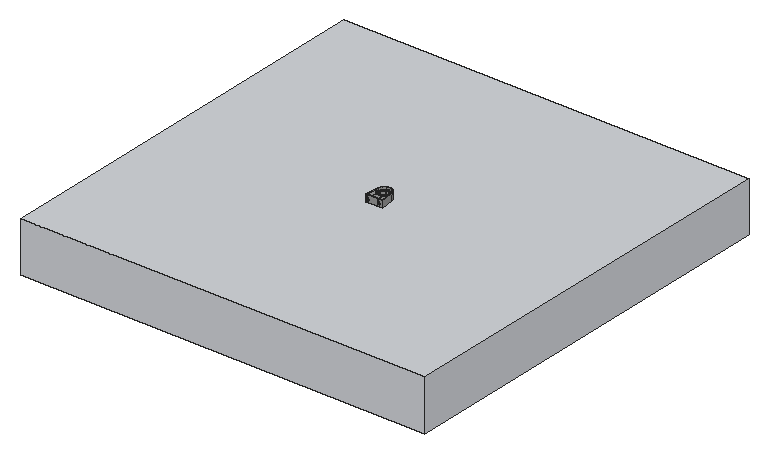
Revit family "Hekatron_Feststellanlagen_Sockel 143 W_DE_22.01", category Brandmelder, Revit 2018
Family settings
  Basisbauteil = Fläche
  Beschriftungsausrichtung beibehalten = Ja
  Bemaßung runder Anschluss = Durchmesser verwenden
  Teiletyp = Normal
  OmniClass-Nummer = 23.85.30.21
  OmniClass-Titel = Environmental Detection/Registration
  Beim Laden mit Abzugskörper schneiden = Nein
  Gemeinsam genutzt = Nein
  Raumberechnungspunkt = Nein
Parameters (values of type "Base 143 W")
  Zulässige Umgebungstemperatur = ""
  Zulässige Luftgeschwindigkeit = ""
  Zulassungen nach EN 54 = ""
  Width [instance] = 100 mm
  Version des BIM Objektes = "22.01"
  VdS-Anerkennung = ""
  URL = "https://www.hekatron-brandschutz.de"
  UB A&S Artikel Nummer = "5000513"
  Typenkommentare = "Meldersockel zur Wand-/Sturz- Montage"
  Tiefe (mm) = "100.0"
  Stromaufnahme = ""
  Schutzart = "IP 42"
  Rauchteil einstellbar = ""
  Nettogewicht (g) = ""
  Montageart = "Wand- oder Sturzmontage"
  Modell = "Sockel 143 W"
  Material = "PC"
  Link zum Datenblatt = ""
  Link zu ausschreiben.de = "http://www.ausschreiben.de/katalog/Hekatron/position/42"
  Link zu Produktinformation = "https://www.hekatron-planungstools.de/Produktinfo/Sockel_143_W.PDF"
  Link zu Ausschreibungstext = "https://www.meinhplus.de/login"
  Leistungserklärung (DoP) = ""
  Lautstärke DIN-Ton (dB) = ""
  Kabeleinführung = "hinten, seitlich"
  Höhe (mm) = "40.0"
  Hersteller = "Hekatron"
  Heigth [instance] = 117 mm
  Funktionsprinzip = ""
  Farbe = "weiß, ähnlich RAL 9010"
  Ex-Zonen = ""
  Einstellung Temperaturklasse nach EN 54-5 = ""
  Einstellung Temperaturindex nach EN 54-5 = ""
  Einstellung Rauchempfindlichkeit nach EN 54-20 = ""
  Einstellen Rauchempfindlichkeit nach EN 54-7 = ""
  EG-Konformitätszertifikat / Zertifikat der Leistungsbeständigkeit = ""
  Durchmesser (mm) = ""
  Depth [instance] = 40 mm
  Vorgabe-Ansicht = 1200 mm
  Breite (mm) = "117.0"
  Betriebsspannung = ""
  Beschreibung = "Sockel für den Rauchschalter ORS 142 und Thermodifferntialschalter TDS 247 zur Sturz- und Wandmontage."
  Bauartgenehmigungen = ""
  Anzahl Ansaugleitungen = ""
  Ansprechtemperatur = ""
  Alarm- & Empfindlichkeitsbereich = ""
Reference planes
  plane 1 "Center (Front/Back)": y = 0
  plane 2: z = 0
  plane 3 "Center (Left/Right)": x = 0
Forms (mm)
  Extrusion 1, solid
    sketch origin (0, 0, 0) x (1, 0, 0) y (0, 1, 0)
      loop
        line (-1219.2, 1219.2) -> (-1219.2, -1219.2) -> (1219.2, -1219.2) -> (1219.2, 1219.2) -> (-1219.2, 1219.2)
    from 0 to -304.8
  Revolve 2, solid, material "PC/ABS Plastic, RAL 9010"
    sketch origin (0, 0, 7) x (1, 0, 0) y (0, 0, 1)
      loop
        line (-39.25, 33) -> (-40.5, 33) -> (-40.05, 0) -> (0, 0) -> (0, 2.5) -> (-37.279, 2.5) -> (-37.488, 14.05) -> (0, 14.05) -> (0, 16) -> (-38.282, 16) -> (-38.35, 21) -> (-39.15, 21) -> (-39.25, 33)
      axis (0, 33) -> (0, 0)
    angle from 0 to 360
  Extrusion 3, void
    sketch origin (0, 0, 7) x (1, 0, 0) y (0, 1, 0)
      loop
        arc (28.36, -4.925) -> (32.5, 0) -> (28.36, 4.925) r 5
        arc (28.36, 4.925) -> (24.666, 14.838) -> (17.641, 22.746) r 28.785
        line (17.641, 22.746) -> (17.151, 22.114)
        arc (17.151, 22.114) -> (15.034, 23.604) -> (12.789, 24.892) r 27.985
        line (12.789, 24.892) -> (13.154, 25.603)
        arc (13.154, 25.603) -> (3.677, 28.549) -> (-6.238, 28.101) r 28.785
        line (-6.238, 28.101) -> (-6.064, 27.32)
        arc (-6.064, 27.32) -> (-8.505, 26.661) -> (-10.876, 25.785) r 27.985
        line (-10.876, 25.785) -> (-11.187, 26.522)
        arc (-11.187, 26.522) -> (-19.457, 21.213) -> (-25.459, 13.431) r 28.785
        line (-25.459, 13.431) -> (-24.752, 13.058)
        arc (-24.752, 13.058) -> (-25.863, 10.689) -> (-26.748, 8.228) r 27.985
        line (-26.748, 8.228) -> (-27.513, 8.463)
        arc (-27.513, 8.463) -> (-27.992, 6.708) -> (-28.36, 4.925) r 28.785
        arc (-28.36, 4.925) -> (-32.5, 0) -> (-28.36, -4.925) r 5
        arc (-28.36, -4.925) -> (-24.677, -14.82) -> (-17.673, -22.72) r 28.785
        line (-17.673, -22.72) -> (-17.182, -22.089)
        arc (-17.182, -22.089) -> (-15.045, -23.597) -> (-12.776, -24.898) r 27.985
        line (-12.776, -24.898) -> (-13.141, -25.61)
        arc (-13.141, -25.61) -> (-3.76, -28.538) -> (6.06, -28.14) r 28.785
        line (6.06, -28.14) -> (5.892, -27.358)
        arc (5.892, -27.358) -> (8.336, -26.714) -> (10.713, -25.853) r 27.985
        line (10.713, -25.853) -> (11.019, -26.592)
        arc (11.019, -26.592) -> (19.396, -21.269) -> (25.467, -13.417) r 28.785
        line (25.467, -13.417) -> (24.759, -13.045)
        arc (24.759, -13.045) -> (25.858, -10.701) -> (26.736, -8.266) r 27.985
        line (26.736, -8.266) -> (27.5, -8.503)
        arc (27.5, -8.503) -> (27.988, -6.728) -> (28.36, -4.925) r 28.785
    from 14.05 to 16
  Extrusion 4, void
    sketch origin (0, 0, 7) x (1, 0, 0) y (0, 1, 0)
      loop
        arc (-23.747, 19.926) -> (-23.932, 22.04) -> (-26.046, 21.855) r 1.5
        arc (-26.046, 21.855) -> (-28.356, 18.761) -> (-30.3, 15.425) r 34
        arc (-30.3, 15.425) -> (-31.284, 9.714) -> (-27.574, 14.166) r 3
        arc (-27.574, 14.166) -> (-25.822, 17.153) -> (-23.747, 19.926) r 31
      loop
        arc (26.046, 21.855) -> (23.4, 24.667) -> (20.452, 27.161) r 34
        arc (20.452, 27.161) -> (14.999, 29.122) -> (18.739, 24.695) r 3
        arc (18.739, 24.695) -> (21.376, 22.451) -> (23.747, 19.926) r 31
        arc (23.747, 19.926) -> (25.861, 19.742) -> (26.046, 21.855) r 1.5
      loop
        arc (30.3, -15.425) -> (31.284, -9.714) -> (27.574, -14.166) r 3
        arc (27.574, -14.166) -> (25.822, -17.153) -> (23.747, -19.926) r 31
        arc (23.747, -19.926) -> (23.932, -22.04) -> (26.046, -21.855) r 1.5
        arc (26.046, -21.855) -> (28.356, -18.761) -> (30.3, -15.425) r 34
      loop
        arc (7.66, -33.126) -> (12.668, -30.209) -> (6.873, -30.229) r 3
        arc (6.873, -30.229) -> (3.458, -30.807) -> (0, -31) r 31
        arc (0, -31) -> (-1.5, -32.5) -> (0, -34) r 1.5
        arc (0, -34) -> (3.855, -33.781) -> (7.66, -33.126) r 34
      loop
        arc (-20.452, -27.161) -> (-14.999, -29.122) -> (-18.739, -24.695) r 3
        arc (-18.739, -24.695) -> (-21.376, -22.451) -> (-23.747, -19.926) r 31
        arc (-23.747, -19.926) -> (-25.861, -19.742) -> (-26.046, -21.855) r 1.5
        arc (-26.046, -21.855) -> (-23.4, -24.667) -> (-20.452, -27.161) r 34
    from 14.05 to 16
  Extrusion 5, void
    sketch origin (0, 0, 7) x (1, 0, 0) y (0, 1, 0)
      loop
        circle (-29.75, 0) r 1.85
      loop
        circle (29.75, 0) r 1.85
    from -2.5 to 2.5
  Extrusion 6, void
    sketch origin (0, 0, 7) x (0, 1, 0) y (0, 0, 1)
      loop
        circle (0, 8) r 5
    from 38.482 to 40.5
  Extrusion 7, void
    sketch origin (0, 0, 7) x (0, 1, 0) y (0, 0, -1)
      loop
        circle (0, -8) r 5
    from 38.482 to 40.5
  Extrusion 8, solid, material "PC/ABS Plastic, RAL 9010"
    sketch origin (0, 0, 7) x (1, 0, 0) y (0, 1, 0)
      loop
        line (26.626, 5.864) -> (27.992, 5.864)
        arc (27.992, 5.864) -> (24.302, 15.079) -> (17.685, 22.477) r 28.6
        line (17.685, 22.477) -> (17.177, 21.821)
        arc (17.177, 21.821) -> (14.919, 23.423) -> (12.513, 24.792) r 27.771
        line (12.513, 24.792) -> (12.892, 25.53)
        arc (12.892, 25.53) -> (3.653, 28.366) -> (-6.002, 27.963) r 28.6
        line (-6.002, 27.963) -> (-5.822, 27.153)
        arc (-5.822, 27.153) -> (-8.44, 26.457) -> (-10.977, 25.509) r 27.771
        line (-10.977, 25.509) -> (-11.299, 26.273)
        arc (-11.299, 26.273) -> (-19.332, 21.077) -> (-25.202, 13.521) r 28.6
        line (-25.202, 13.521) -> (-24.468, 13.134)
        arc (-24.468, 13.134) -> (-25.665, 10.608) -> (-26.601, 7.974) r 27.771
        line (-26.601, 7.974) -> (-27.394, 8.217)
        arc (-27.394, 8.217) -> (-27.718, 7.047) -> (-27.992, 5.864) r 28.6
        line (-27.992, 5.864) -> (-26.626, 5.864)
        arc (-26.626, 5.864) -> (0, 27.264) -> (26.626, 5.864) r 27.264
      loop
        arc (26.626, -5.864) -> (0, -27.264) -> (-26.626, -5.864) r 27.264
        line (-26.626, -5.864) -> (-27.992, -5.864)
        arc (-27.992, -5.864) -> (-24.313, -15.061) -> (-17.717, -22.451) r 28.6
        line (-17.717, -22.451) -> (-17.208, -21.797)
        arc (-17.208, -21.797) -> (-14.93, -23.416) -> (-12.5, -24.799) r 27.771
        line (-12.5, -24.799) -> (-12.878, -25.536)
        arc (-12.878, -25.536) -> (-3.735, -28.355) -> (5.826, -28) r 28.6
        line (5.826, -28) -> (5.651, -27.19)
        arc (5.651, -27.19) -> (8.273, -26.51) -> (10.816, -25.578) r 27.771
        line (10.816, -25.578) -> (11.133, -26.344)
        arc (11.133, -26.344) -> (19.271, -21.132) -> (25.209, -13.508) r 28.6
        line (25.209, -13.508) -> (24.475, -13.121)
        arc (24.475, -13.121) -> (25.66, -10.619) -> (26.59, -8.012) r 27.771
        line (26.59, -8.012) -> (27.382, -8.257)
        arc (27.382, -8.257) -> (27.713, -7.067) -> (27.992, -5.864) r 28.6
        line (27.992, -5.864) -> (26.626, -5.864)
    from 2.5 to 16
  Extrusion 9, void
    sketch origin (0, 0, 7) x (1, 0, 0) y (0, 1, 0)
      loop
        circle (25, 0) r 2.25
      loop
        circle (16.5, 0) r 4.75
      loop
        circle (-16.5, 0) r 4.75
      loop
        circle (-25, 0) r 2.25
    from 0 to 2.5
  Blend 10, solid, material "PC/ABS Plastic, RAL 9010"
    base sketch origin (0, 0, 0) x (1, 0, 0) y (0, 1, 0)
      loop
        circle (-25, 0) r 1.75
    top sketch origin (0, 0, 0) x (1, 0, 0) y (0, 1, 0)
      loop
        circle (-25, 0) r 2.25
    from 9.5 to 8.25
  Blend 11, solid, material "PC/ABS Plastic, RAL 9010"
    base sketch origin (0, 0, 0) x (1, 0, 0) y (0, 1, 0)
      loop
        circle (-16.5, 0) r 4.25
    top sketch origin (0, 0, 0) x (1, 0, 0) y (0, 1, 0)
      loop
        circle (-16.5, 0) r 4.75
    from 9.5 to 8.25
  Extrusion 12, void
    sketch origin (0, 0, 7) x (1, 0, 0) y (0, 1, 0)
      loop
        circle (-9.773, -30.996) r 2.15
      loop
        circle (17.462, -27.41) r 2.15
      loop
        circle (30.026, 12.437) r 2.15
      loop
        circle (9.773, 30.996) r 2.15
      loop
        circle (-17.462, 27.41) r 2.15
      loop
        circle (-30.026, -12.437) r 2.15
    from 14.5 to 16
  Extrusion 13, solid, material "PC/ABS Plastic, RAL 9010"
    sketch origin (47.488, -14.973, 7) x (1, 0, 0) y (0, 1, 0)
      loop
        circle (-17.466, 27.408) r 1.9
      loop
        circle (-37.719, 45.966) r 1.9
      loop
        circle (-64.954, 42.381) r 1.9
      loop
        circle (-77.518, 2.533) r 1.9
      loop
        circle (-57.265, -16.025) r 1.9
      loop
        circle (-30.03, -12.44) r 1.9
    from 14.5 to 15.525
  Extrusion 14, void
    sketch origin (0, 0, 7) x (1, 0, 0) y (0, 1, 0)
      loop
        line (-35, -7.868) -> (-35, 7.75) -> (-37.489, 7.75)
        arc (-37.489, 7.75) -> (-38.083, 3.895) -> (-38.282, 0) r 38.282
        arc (-38.282, 0) -> (-38.077, -3.955) -> (-37.465, -7.868) r 38.282
        line (-37.465, -7.868) -> (-35, -7.868)
      loop
        line (34.75, -7.868) -> (37.465, -7.868)
        arc (37.465, -7.868) -> (38.077, -3.955) -> (38.282, 0) r 38.282
        arc (38.282, 0) -> (38.083, 3.895) -> (37.489, 7.75) r 38.282
        line (37.489, 7.75) -> (34.75, 7.75) -> (34.75, -7.868)
    from 14.05 to 16
  Extrusion 15, solid, material "PC/ABS Plastic, RAL 9010"
    sketch origin (0, 0, 7) x (1, 0, 0) y (0, 1, 0)
      loop
        arc (-37.53, 7.55) -> (-38.093, 3.794) -> (-38.282, 0) r 38.282
        arc (-38.282, 0) -> (-38.087, -3.853) -> (-37.506, -7.668) r 38.282
        line (-37.506, -7.668) -> (-35.1, -7.668) -> (-35.1, -5.07) -> (-36, -5.07) -> (-36, 5.07) -> (-35.1, 5.07) -> (-35.1, 7.55) -> (-37.53, 7.55)
    from 0 to 16
  Extrusion 16, solid, material "PC/ABS Plastic, RAL 9010"
    sketch origin (0, 0, 7) x (-1, 0, 0) y (0, -1, 0)
      loop
        line (-37.53, -7.55) -> (-35.1, -7.55) -> (-35.1, -5.07) -> (-36, -5.07) -> (-36, 5.07) -> (-35.1, 5.07) -> (-35.1, 7.668) -> (-37.506, 7.668)
        arc (-37.506, 7.668) -> (-38.087, 3.853) -> (-38.282, 0) r 38.282
        arc (-38.282, 0) -> (-38.093, -3.794) -> (-37.53, -7.55) r 38.282
    from 0 to 16
  Extrusion 17, void
    sketch origin (0, 0, 7) x (0, 1, 0) y (0, 0, 1)
      loop
        circle (0, 8) r 4
    from -36.527 to -36
  Extrusion 18, void
    sketch origin (0, 0, 7) x (0, 1, 0) y (0, 0, 1)
      loop
        circle (0, 8) r 1.5
    from -37.16 to -36.527
  Extrusion 19, void
    sketch origin (0, 0, 7) x (0, 1, 0) y (0, 0, -1)
      loop
        circle (0, -8) r 4
    from -36.527 to -36
  Extrusion 20, void
    sketch origin (0, 0, 7) x (0, 1, 0) y (0, 0, -1)
      loop
        circle (0, -8) r 1.5
    from -37.16 to -36.527
  Revolve 21, solid, material "PC/ABS Plastic, RAL 9010"
    sketch origin (0, 0, 7) x (1, 0, 0) y (0, 0, 1)
      loop
        line (-2.75, 2.5) -> (0, 2.5) -> (0, 3.595)
        arc (0, 3.595) -> (-1.48, 3.311) -> (-2.75, 2.5) r 4
      axis (0, 3.595) -> (0, 2.5)
    angle from 0 to 360
  Blend 22, solid, material "PC/ABS Plastic, RAL 9010"
    base sketch origin (0, 0, 2.5) x (0, -1, 0) y (1, 0, 0)
      loop
        circle (0, -25) r 1.75
    top sketch origin (0, 0, 2.5) x (0, -1, 0) y (1, 0, 0)
      loop
        circle (0, -25) r 2.25
    from 4.5 to 5.75
  Blend 23, solid, material "PC/ABS Plastic, RAL 9010"
    base sketch origin (0, 0, 2.5) x (0, -1, 0) y (1, 0, 0)
      loop
        circle (0, -16.5) r 4.25
    top sketch origin (0, 0, 2.5) x (0, -1, 0) y (1, 0, 0)
      loop
        circle (0, -16.5) r 4.75
    from 4.5 to 5.75
  Extrusion 24, solid, material "PC/ABS Plastic, RAL 9010"
    sketch origin (0, 0, 0) x (1, 0, 0) y (0, 1, 0)
      loop
        line (50, -75) -> (41.776, 4.331)
        arc (41.776, 4.331) -> (0, 42) -> (-41.776, 4.331) r 42
        line (-41.776, 4.331) -> (-50, -75) -> (50, -75)
      loop
        line (-48.233, -72.5) -> (-19.35, -72.5) -> (-19.35, -73.7) -> (19.35, -73.7) -> (19.35, -72.5) -> (48.233, -72.5) -> (40.284, 4.176)
        arc (40.284, 4.176) -> (0, 40.5) -> (-40.284, 4.176) r 40.5
        line (-40.284, 4.176) -> (-48.233, -72.5)
    from 0 to 40
  Blend 25, solid, material "PC/ABS Plastic, RAL 9010"
    base sketch origin (0, 0, 0) x (-1, 0, 0) y (0, -1, 0)
      loop
        circle (-25, 0) r 1.75
    top sketch origin (0, 0, 0) x (-1, 0, 0) y (0, -1, 0)
      loop
        circle (-25, 0) r 2.25
    from 9.5 to 8.25
  Blend 26, solid, material "PC/ABS Plastic, RAL 9010"
    base sketch origin (0, 0, 2.5) x (0, 1, 0) y (-1, 0, 0)
      loop
        circle (0, -25) r 1.75
    top sketch origin (0, 0, 2.5) x (0, 1, 0) y (-1, 0, 0)
      loop
        circle (0, -25) r 2.25
    from 4.5 to 5.75
  Blend 27, solid, material "PC/ABS Plastic, RAL 9010"
    base sketch origin (0, 0, 0) x (-1, 0, 0) y (0, -1, 0)
      loop
        circle (-16.5, 0) r 4.25
    top sketch origin (0, 0, 0) x (-1, 0, 0) y (0, -1, 0)
      loop
        circle (-16.5, 0) r 4.75
    from 9.5 to 8.25
  Blend 28, solid, material "PC/ABS Plastic, RAL 9010"
    base sketch origin (0, 0, 2.5) x (0, 1, 0) y (-1, 0, 0)
      loop
        circle (0, -16.5) r 4.25
    top sketch origin (0, 0, 2.5) x (0, 1, 0) y (-1, 0, 0)
      loop
        circle (0, -16.5) r 4.75
    from 4.5 to 5.75
  Extrusion 29, void
    sketch origin (0, 0, 0) x (1, 0, 0) y (0, 0, 1)
      loop
        arc (-30, 19.67) -> (-32.5, 29) -> (-35, 19.67) r 5
        line (-35, 19.67) -> (-35, 12)
        arc (-35, 12) -> (-32.5, 9.5) -> (-30, 12) r 2.5
        line (-30, 12) -> (-30, 19.67)
      loop
        arc (35, 19.67) -> (32.5, 29) -> (30, 19.67) r 5
        line (30, 19.67) -> (30, 12)
        arc (30, 12) -> (32.5, 9.5) -> (35, 12) r 2.5
        line (35, 12) -> (35, 19.67)
    from 72.164 to 75
  Extrusion 30, solid, material "PC/ABS Plastic, RAL 9010"
    sketch origin (0, 0, 0) x (1, 0, 0) y (0, 1, 0)
      loop
        line (-19.35, -72.5) -> (-19.35, -73.7) -> (19.35, -73.7) -> (19.35, -72.5) -> (48.233, -72.5) -> (40.29, 4.121)
        arc (40.29, 4.121) -> (40.447, 2.063) -> (40.5, 0) r 40.5
        arc (40.5, 0) -> (0, -40.5) -> (-40.5, 0) r 40.5
        arc (-40.5, 0) -> (-40.447, 2.063) -> (-40.29, 4.121) r 40.5
        line (-40.29, 4.121) -> (-48.233, -72.5) -> (-19.35, -72.5)
    from 38.2 to 40
  Extrusion 31, solid, material "PC/ABS Plastic, RAL 9010"
    sketch origin (0, 0, 0) x (1, 0, 0) y (0, 1, 0)
      loop
        line (-19.014, -72.5) -> (-19.014, -37.826)
        arc (-19.014, -37.826) -> (0, -42.336) -> (19.014, -37.826) r 42.336
        line (19.014, -37.826) -> (19.014, -72.5) -> (20.986, -72.5) -> (20.986, -36.769)
        arc (20.986, -36.769) -> (34.402, -24.675) -> (41.556, -8.09) r 42.336
        line (41.556, -8.09) -> (40.284, 4.176)
        arc (40.284, 4.176) -> (0, -40.5) -> (-40.284, 4.176) r 40.5
        line (-40.284, 4.176) -> (-41.556, -8.09)
        arc (-41.556, -8.09) -> (-34.402, -24.675) -> (-20.986, -36.769) r 42.336
        line (-20.986, -36.769) -> (-20.986, -72.5) -> (-19.014, -72.5)
    from 4.5 to 38.2
  Extrusion 32, solid, material "PC/ABS Plastic, RAL 9010"
    sketch origin (0, 0, 0) x (1, 0, 0) y (0, 1, 0)
      loop
        arc (-40.495, 0.636) -> (0.98, -40.488) -> (40.417, 2.594) r 40.5
        arc (40.417, 2.594) -> (-0.98, 40.488) -> (-40.495, 0.636) r 40.5
    from 4.5 to 5.997
  Extrusion 33, void
    sketch origin (0, 0, 0) x (1, 0, 0) y (0, 1, 0)
      loop
        circle (16.5, 0) r 7
      loop
        circle (-16.5, 0) r 7
    from 4.5 to 5.997
  Revolve 34, solid, material "PC/ABS Plastic, RAL 9010"
    sketch origin (0, 0, 0) x (1, 0, 0) y (0, 0, 1)
      loop
        line (0, 4.5) -> (-7, 4.5)
        arc (-7, 4.5) -> (-3.614, 3.157) -> (0, 2.7) r 14.511
        line (0, 2.7) -> (0, 4.5)
      axis (0, 4.5) -> (0, 2.7)
    angle from 0 to 360
Cuts and joins
  Extrusion 3, Extrusion 4, Extrusion 5, Extrusion 6, Extrusion 7, Extrusion 9, Extrusion 12, Extrusion 14, Extrusion 17, Extrusion 18, Extrusion 33 cuts Revolve 2
  Extrusion 17, Extrusion 18, Extrusion 19, Extrusion 20 cuts Extrusion 15
  Extrusion 18, Extrusion 19, Extrusion 20 cuts Extrusion 16
  Extrusion 6, Extrusion 29 cuts Extrusion 8
  Extrusion 29 cuts Extrusion 24
  Extrusion 33 cuts Blend 10
  Extrusion 33 cuts Blend 11
  Extrusion 33 cuts Blend 22
  Extrusion 33 cuts Blend 23
  Extrusion 33 cuts Blend 25
  Extrusion 33 cuts Blend 26
  Extrusion 33 cuts Blend 27
  Extrusion 33 cuts Blend 28
  Extrusion 5, Extrusion 33 cuts Extrusion 32
Dimensions and locks
  "Heigth": cut or joined group of Extrusion 24, Extrusion 29 to cut or joined group of Extrusion 24, Extrusion 29
  "Depth": cut or joined group of Extrusion 24, Extrusion 29 to Extrusion 1
  "Width": cut or joined group of Extrusion 24, Extrusion 29 to cut or joined group of Extrusion 24, Extrusion 29
  aligned and locked: plane 2 to Extrusion 1
  aligned and locked: level to Extrusion 1
Automatic sketch dimensions
  Extrusion 1 sketch curve to Extrusion 1 sketch curve = 2438.4 mm  (x2)
  Revolve 2 sketch curve to plane 3 "Center (Left/Right)" = 0 mm  (x3)
  level to Revolve 2 sketch curve = 9.5 mm
  Revolve 2 sketch curve to Revolve 2 sketch curve = 37.279 mm
  Revolve 2 sketch curve to Revolve 2 sketch curve = 0.209 mm
  Revolve 2 sketch curve to Revolve 2 sketch curve = 0.794 mm
  Revolve 2 sketch curve to Revolve 2 sketch curve = 0.068 mm
  Revolve 2 sketch curve to Revolve 2 sketch curve = 0.8 mm
  Revolve 2 sketch curve to Revolve 2 sketch curve = 0.1 mm
  level to Revolve 2 sketch curve = 7 mm
  Revolve 2 sketch curve to Revolve 2 sketch curve = 2.771 mm
  Revolve 2 sketch curve to Revolve 2 sketch curve = 1.25 mm
  Revolve 2 sketch curve to Revolve 2 sketch curve = 11.55 mm
  Revolve 2 sketch curve to Revolve 2 sketch curve = 1.95 mm
  Revolve 2 sketch curve to Revolve 2 sketch curve = 5 mm
  Revolve 2 sketch curve to Revolve 2 sketch curve = 12 mm
  Revolve 2 sketch curve to level = 602.6 mm
  Revolve 2 sketch curve to Revolve 2 sketch curve = 2576.058 mm
  Extrusion 3 sketch curve to Extrusion 3 sketch curve = 0 mm  (x182)
  plane 1 "Center (Front/Back)" to Extrusion 3 sketch curve = 0 mm  (x3)
  Extrusion 3 sketch curve to plane 3 "Center (Left/Right)" = 0 mm
  Extrusion 3 sketch curve to plane 3 "Center (Left/Right)" = 6.064 mm
  Extrusion 3 sketch curve to Extrusion 3 sketch curve = 0.173 mm
  Extrusion 3 sketch curve to Extrusion 3 sketch curve = 4.812 mm
  Extrusion 3 sketch curve to Extrusion 3 sketch curve = 0.311 mm
  Extrusion 3 sketch curve to plane 3 "Center (Left/Right)" = 12.776 mm
  Extrusion 3 sketch curve to Extrusion 3 sketch curve = 0.365 mm
  Extrusion 3 sketch curve to Extrusion 3 sketch curve = 4.407 mm
  Extrusion 3 sketch curve to Extrusion 3 sketch curve = 0.491 mm
  Extrusion 3 sketch curve to Extrusion 3 sketch curve = 13.876 mm
  Extrusion 3 sketch curve to Extrusion 3 sketch curve = 0.708 mm  (x2)
  Extrusion 3 sketch curve to plane 1 "Center (Front/Back)" = 8.228 mm
  Extrusion 3 sketch curve to Extrusion 3 sketch curve = 1.996 mm
  Extrusion 3 sketch curve to Extrusion 3 sketch curve = 0.752 mm
  Extrusion 3 sketch curve to plane 1 "Center (Front/Back)" = 8.463 mm
  Extrusion 3 sketch curve to Extrusion 3 sketch curve = 0.765 mm
  plane 3 "Center (Left/Right)" to Extrusion 3 sketch curve = 5.892 mm
  Extrusion 3 sketch curve to Extrusion 3 sketch curve = 0.168 mm
  Extrusion 3 sketch curve to Extrusion 3 sketch curve = 4.821 mm
  Extrusion 3 sketch curve to Extrusion 3 sketch curve = 0.306 mm
  plane 3 "Center (Left/Right)" to Extrusion 3 sketch curve = 12.789 mm
  Extrusion 3 sketch curve to Extrusion 3 sketch curve = 0.366 mm
  Extrusion 3 sketch curve to Extrusion 3 sketch curve = 4.362 mm
  Extrusion 3 sketch curve to Extrusion 3 sketch curve = 0.49 mm
  Extrusion 3 sketch curve to Extrusion 3 sketch curve = 14.046 mm
  plane 1 "Center (Front/Back)" to Extrusion 3 sketch curve = 8.266 mm
  Extrusion 3 sketch curve to Extrusion 3 sketch curve = 1.977 mm
  Extrusion 3 sketch curve to Extrusion 3 sketch curve = 0.764 mm  (x2)
  plane 1 "Center (Front/Back)" to Extrusion 3 sketch curve = 8.503 mm
  Extrusion 3 sketch curve to Extrusion 3 sketch curve = 0.373 mm  (x2)
  plane 1 "Center (Front/Back)" to Extrusion 3 sketch curve = 22.089 mm
  Extrusion 3 sketch curve to Extrusion 3 sketch curve = 0.631 mm
  Extrusion 3 sketch curve to Extrusion 3 sketch curve = 0.712 mm  (x2)
  Extrusion 3 sketch curve to Extrusion 3 sketch curve = 0.739 mm
  Extrusion 3 sketch curve to plane 1 "Center (Front/Back)" = 22.114 mm
  Extrusion 3 sketch curve to Extrusion 3 sketch curve = 0.632 mm
  Extrusion 3 sketch curve to Extrusion 3 sketch curve = 0.737 mm
  plane 1 "Center (Front/Back)" to Extrusion 3 sketch curve = 4.925 mm
  Extrusion 3 sketch curve to plane 1 "Center (Front/Back)" = 4.925 mm
  Extrusion 4 sketch curve to Extrusion 4 sketch curve = 0 mm  (x97)
  plane 1 "Center (Front/Back)" to Extrusion 4 sketch curve = 0 mm
  Extrusion 4 sketch curve to plane 3 "Center (Left/Right)" = 0 mm
  Extrusion 4 sketch curve to plane 3 "Center (Left/Right)" = 17.462 mm
  Extrusion 4 sketch curve to plane 3 "Center (Left/Right)" = 24.896 mm
  Extrusion 4 sketch curve to Extrusion 4 sketch curve = 7.434 mm  (x2)
  Extrusion 4 sketch curve to Extrusion 4 sketch curve = 5.13 mm  (x2)
  plane 3 "Center (Left/Right)" to Extrusion 4 sketch curve = 9.773 mm
  plane 3 "Center (Left/Right)" to Extrusion 4 sketch curve = 17.462 mm
  Extrusion 4 sketch curve to Extrusion 4 sketch curve = 15.124 mm
  plane 1 "Center (Front/Back)" to Extrusion 4 sketch curve = 12.437 mm
  Extrusion 4 sketch curve to Extrusion 4 sketch curve = 8.453 mm  (x2)
  plane 1 "Center (Front/Back)" to Extrusion 4 sketch curve = 20.891 mm
  Extrusion 4 sketch curve to Extrusion 4 sketch curve = 6.52 mm  (x2)
  Extrusion 4 sketch curve to Extrusion 4 sketch curve = 10.105 mm
  Extrusion 4 sketch curve to Extrusion 4 sketch curve = 1.504 mm
  Extrusion 4 sketch curve to plane 1 "Center (Front/Back)" = 12.437 mm
  Extrusion 4 sketch curve to plane 1 "Center (Front/Back)" = 20.891 mm
  Extrusion 4 sketch curve to Extrusion 4 sketch curve = 1.276 mm  (x2)
  Extrusion 4 sketch curve to Extrusion 4 sketch curve = 2.99 mm  (x2)
  Extrusion 4 sketch curve to Extrusion 4 sketch curve = 1.149 mm  (x4)
  Extrusion 4 sketch curve to Extrusion 4 sketch curve = 2.452 mm  (x2)
  Extrusion 4 sketch curve to Extrusion 4 sketch curve = 2.9 mm
  Extrusion 4 sketch curve to Extrusion 4 sketch curve = 2.113 mm
  Extrusion 4 sketch curve to Extrusion 4 sketch curve = 0.767 mm
  Extrusion 5 sketch curve to Extrusion 5 sketch curve = 0 mm  (x4)
  plane 1 "Center (Front/Back)" to Extrusion 5 sketch curve = 0 mm  (x2)
  Extrusion 5 sketch curve to plane 3 "Center (Left/Right)" = 29.75 mm
  plane 3 "Center (Left/Right)" to Extrusion 5 sketch curve = 29.75 mm
  Extrusion 5 sketch curve to Extrusion 5 sketch curve = 1.85 mm  (x2)
  Extrusion 6 sketch curve to plane 1 "Center (Front/Back)" = 0 mm
  level to Extrusion 6 sketch curve = 15 mm
  Extrusion 7 sketch curve to plane 1 "Center (Front/Back)" = 0 mm
  level to Extrusion 7 sketch curve = 15 mm
  Extrusion 8 sketch curve to Extrusion 8 sketch curve = 0 mm  (x240)
  plane 1 "Center (Front/Back)" to Extrusion 8 sketch curve = 0 mm
  Extrusion 8 sketch curve to plane 3 "Center (Left/Right)" = 0 mm
  Extrusion 8 sketch curve to plane 3 "Center (Left/Right)" = 5.822 mm
  Extrusion 8 sketch curve to Extrusion 8 sketch curve = 0.18 mm
  Extrusion 8 sketch curve to Extrusion 8 sketch curve = 5.154 mm
  Extrusion 8 sketch curve to Extrusion 8 sketch curve = 0.322 mm
  Extrusion 8 sketch curve to plane 3 "Center (Left/Right)" = 12.5 mm
  Extrusion 8 sketch curve to Extrusion 8 sketch curve = 0.379 mm  (x2)
  Extrusion 8 sketch curve to Extrusion 8 sketch curve = 4.708 mm
  Extrusion 8 sketch curve to Extrusion 8 sketch curve = 0.509 mm
  Extrusion 8 sketch curve to Extrusion 8 sketch curve = 13.492 mm
  Extrusion 8 sketch curve to Extrusion 8 sketch curve = 0.734 mm  (x2)
  Extrusion 8 sketch curve to plane 1 "Center (Front/Back)" = 7.974 mm
  Extrusion 8 sketch curve to Extrusion 8 sketch curve = 2.133 mm
  plane 1 "Center (Front/Back)" to Extrusion 8 sketch curve = 5.864 mm
  Extrusion 8 sketch curve to Extrusion 8 sketch curve = 0.025 mm  (x2)
  Extrusion 8 sketch curve to plane 1 "Center (Front/Back)" = 8.217 mm
  Extrusion 8 sketch curve to Extrusion 8 sketch curve = 0.793 mm
  Extrusion 8 sketch curve to Extrusion 8 sketch curve = 1.366 mm  (x3)
  plane 3 "Center (Left/Right)" to Extrusion 8 sketch curve = 5.651 mm
  Extrusion 8 sketch curve to Extrusion 8 sketch curve = 0.175 mm
  Extrusion 8 sketch curve to Extrusion 8 sketch curve = 5.165 mm
  Extrusion 8 sketch curve to Extrusion 8 sketch curve = 0.317 mm
  plane 3 "Center (Left/Right)" to Extrusion 8 sketch curve = 12.513 mm
  Extrusion 8 sketch curve to Extrusion 8 sketch curve = 4.664 mm
  Extrusion 8 sketch curve to Extrusion 8 sketch curve = 0.508 mm
  Extrusion 8 sketch curve to Extrusion 8 sketch curve = 13.66 mm
  plane 1 "Center (Front/Back)" to Extrusion 8 sketch curve = 8.012 mm
  Extrusion 8 sketch curve to Extrusion 8 sketch curve = 2.115 mm
  Extrusion 8 sketch curve to plane 1 "Center (Front/Back)" = 5.864 mm
  Extrusion 8 sketch curve to Extrusion 8 sketch curve = 0.036 mm
  plane 1 "Center (Front/Back)" to Extrusion 8 sketch curve = 8.257 mm
  Extrusion 8 sketch curve to Extrusion 8 sketch curve = 0.792 mm
  Extrusion 8 sketch curve to Extrusion 8 sketch curve = 2.347 mm
  Extrusion 8 sketch curve to Extrusion 8 sketch curve = 0.738 mm  (x2)
  Extrusion 8 sketch curve to Extrusion 8 sketch curve = 2.422 mm
  Extrusion 8 sketch curve to Extrusion 8 sketch curve = 0.766 mm
  Extrusion 8 sketch curve to Extrusion 8 sketch curve = 0.387 mm
  Extrusion 8 sketch curve to Extrusion 8 sketch curve = 0.655 mm
  Extrusion 8 sketch curve to Extrusion 8 sketch curve = 0.764 mm
  Extrusion 9 sketch curve to Extrusion 9 sketch curve = 0 mm  (x8)
  plane 1 "Center (Front/Back)" to Extrusion 9 sketch curve = 0 mm  (x4)
  Extrusion 9 sketch curve to plane 3 "Center (Left/Right)" = 25 mm
  Extrusion 9 sketch curve to Extrusion 9 sketch curve = 8.5 mm  (x2)
  plane 3 "Center (Left/Right)" to Extrusion 9 sketch curve = 16.5 mm
  Extrusion 9 sketch curve to Extrusion 9 sketch curve = 2.25 mm
  Extrusion 9 sketch curve to Extrusion 9 sketch curve = 1.5 mm  (x2)
  Extrusion 9 sketch curve to Extrusion 9 sketch curve = 4.75 mm
  Blend 10 sketch curve to Blend 10 sketch curve = 0 mm  (x4)
  plane 1 "Center (Front/Back)" to Blend 10 sketch curve = 0 mm  (x2)
  Blend 10 sketch curve to plane 3 "Center (Left/Right)" = 25 mm  (x2)
  Blend 10 sketch curve to Blend 10 sketch curve = 1.75 mm
  Blend 10 sketch curve to Blend 10 sketch curve = 2.25 mm
  Blend 11 sketch curve to Blend 11 sketch curve = 0 mm  (x4)
  plane 1 "Center (Front/Back)" to Blend 11 sketch curve = 0 mm  (x2)
  Blend 11 sketch curve to plane 3 "Center (Left/Right)" = 16.5 mm  (x2)
  Blend 11 sketch curve to Blend 11 sketch curve = 4.25 mm
  Blend 11 sketch curve to Blend 11 sketch curve = 4.75 mm
  Extrusion 12 sketch curve to Extrusion 12 sketch curve = 0 mm  (x12)
  plane 1 "Center (Front/Back)" to Extrusion 12 sketch curve = 12.437 mm
  Extrusion 12 sketch curve to plane 3 "Center (Left/Right)" = 30.026 mm
  Extrusion 12 sketch curve to plane 3 "Center (Left/Right)" = 17.462 mm
  Extrusion 12 sketch curve to plane 3 "Center (Left/Right)" = 9.773 mm
  plane 3 "Center (Left/Right)" to Extrusion 12 sketch curve = 9.773 mm
  plane 3 "Center (Left/Right)" to Extrusion 12 sketch curve = 17.462 mm
  Extrusion 12 sketch curve to plane 1 "Center (Front/Back)" = 12.437 mm
  Extrusion 12 sketch curve to Extrusion 12 sketch curve = 20.253 mm
  plane 1 "Center (Front/Back)" to Extrusion 12 sketch curve = 27.41 mm
  Extrusion 12 sketch curve to Extrusion 12 sketch curve = 3.586 mm  (x2)
  Extrusion 12 sketch curve to plane 1 "Center (Front/Back)" = 27.41 mm
  Extrusion 12 sketch curve to Extrusion 12 sketch curve = 0.373 mm  (x4)
  Extrusion 12 sketch curve to Extrusion 12 sketch curve = 2.15 mm  (x2)
  Extrusion 12 sketch curve to Extrusion 12 sketch curve = 1.382 mm  (x4)
  Extrusion 12 sketch curve to Extrusion 12 sketch curve = 2.117 mm  (x2)
  Extrusion 12 sketch curve to Extrusion 12 sketch curve = 1.647 mm  (x2)
  Extrusion 13 sketch curve to Extrusion 13 sketch curve = 0 mm  (x12)
  plane 1 "Center (Front/Back)" to Extrusion 13 sketch curve = 12.44 mm
  Extrusion 13 sketch curve to plane 3 "Center (Left/Right)" = 30.03 mm
  Extrusion 13 sketch curve to plane 3 "Center (Left/Right)" = 17.466 mm
  Extrusion 13 sketch curve to plane 3 "Center (Left/Right)" = 9.777 mm
  plane 3 "Center (Left/Right)" to Extrusion 13 sketch curve = 9.769 mm
  plane 3 "Center (Left/Right)" to Extrusion 13 sketch curve = 17.458 mm
  Extrusion 13 sketch curve to plane 1 "Center (Front/Back)" = 12.435 mm
  Extrusion 13 sketch curve to Extrusion 13 sketch curve = 20.253 mm
  plane 1 "Center (Front/Back)" to Extrusion 13 sketch curve = 27.413 mm
  Extrusion 13 sketch curve to Extrusion 13 sketch curve = 3.586 mm  (x2)
  Extrusion 13 sketch curve to plane 1 "Center (Front/Back)" = 27.408 mm
  Extrusion 13 sketch curve to Extrusion 13 sketch curve = 1.9 mm  (x6)
  Extrusion 14 sketch curve to Extrusion 14 sketch curve = 0 mm  (x12)
  plane 1 "Center (Front/Back)" to Extrusion 14 sketch curve = 0 mm
  Extrusion 14 sketch curve to plane 3 "Center (Left/Right)" = 0 mm
  Extrusion 14 sketch curve to plane 1 "Center (Front/Back)" = 7.75 mm
  Extrusion 14 sketch curve to plane 3 "Center (Left/Right)" = 35 mm
  Extrusion 14 sketch curve to Extrusion 14 sketch curve = 2.465 mm
  Extrusion 14 sketch curve to Extrusion 14 sketch curve = 2.489 mm
  plane 1 "Center (Front/Back)" to Extrusion 14 sketch curve = 7.868 mm
  plane 3 "Center (Left/Right)" to Extrusion 14 sketch curve = 34.75 mm
  Extrusion 14 sketch curve to Extrusion 14 sketch curve = 2.715 mm
  Extrusion 14 sketch curve to Extrusion 14 sketch curve = 2.739 mm
  Extrusion 15 sketch curve to Extrusion 15 sketch curve = 0 mm  (x3)
  plane 1 "Center (Front/Back)" to Extrusion 15 sketch curve = 0 mm
  Extrusion 15 sketch curve to plane 3 "Center (Left/Right)" = 0 mm
  plane 1 "Center (Front/Back)" to Extrusion 15 sketch curve = 5.07 mm
  Extrusion 15 sketch curve to plane 3 "Center (Left/Right)" = 35.1 mm
  Extrusion 15 sketch curve to Extrusion 15 sketch curve = 0.9 mm
  Extrusion 15 sketch curve to Extrusion 15 sketch curve = 2.406 mm
  Extrusion 15 sketch curve to Extrusion 15 sketch curve = 2.43 mm
  Extrusion 15 sketch curve to Extrusion 15 sketch curve = 2.598 mm
  Extrusion 15 sketch curve to Extrusion 15 sketch curve = 2.48 mm
  Extrusion 16 sketch curve to Extrusion 16 sketch curve = 0 mm  (x3)
  plane 1 "Center (Front/Back)" to Extrusion 16 sketch curve = 0 mm
  Extrusion 16 sketch curve to plane 3 "Center (Left/Right)" = 0 mm
  Extrusion 16 sketch curve to plane 1 "Center (Front/Back)" = 5.07 mm
  Extrusion 16 sketch curve to plane 3 "Center (Left/Right)" = 35.1 mm
  Extrusion 16 sketch curve to Extrusion 16 sketch curve = 0.9 mm
  Extrusion 16 sketch curve to Extrusion 16 sketch curve = 2.406 mm
  Extrusion 16 sketch curve to Extrusion 16 sketch curve = 2.43 mm
  Extrusion 16 sketch curve to Extrusion 16 sketch curve = 2.598 mm
  Extrusion 16 sketch curve to Extrusion 16 sketch curve = 2.48 mm
  Extrusion 17 sketch curve to Extrusion 17 sketch curve = 0 mm  (x2)
  Extrusion 17 sketch curve to plane 1 "Center (Front/Back)" = 0 mm
  level to Extrusion 17 sketch curve = 15 mm
  plane 1 "Center (Front/Back)" to Extrusion 17 sketch curve = 4 mm
  Extrusion 18 sketch curve to plane 1 "Center (Front/Back)" = 0 mm
  level to Extrusion 18 sketch curve = 15 mm
  Extrusion 19 sketch curve to Extrusion 19 sketch curve = 0 mm  (x2)
  Extrusion 19 sketch curve to plane 1 "Center (Front/Back)" = 0 mm
  level to Extrusion 19 sketch curve = 15 mm
  plane 1 "Center (Front/Back)" to Extrusion 19 sketch curve = 4 mm
  Extrusion 20 sketch curve to plane 1 "Center (Front/Back)" = 0 mm
  level to Extrusion 20 sketch curve = 15 mm
  Revolve 21 sketch curve to plane 3 "Center (Left/Right)" = 0 mm  (x2)
  Revolve 21 sketch curve to Revolve 21 sketch curve = 2.75 mm
  level to Revolve 21 sketch curve = 6.595 mm
  Revolve 21 sketch curve to Revolve 21 sketch curve = 2.905 mm
  Revolve 21 sketch curve to level = 602.6 mm
  Revolve 21 sketch curve to Revolve 21 sketch curve = 2605.463 mm
  Blend 22 sketch curve to Blend 22 sketch curve = 0 mm  (x4)
  plane 1 "Center (Front/Back)" to Blend 22 sketch curve = 0 mm  (x2)
  Blend 22 sketch curve to plane 3 "Center (Left/Right)" = 25 mm  (x2)
  Blend 22 sketch curve to Blend 22 sketch curve = 1.75 mm
  Blend 22 sketch curve to Blend 22 sketch curve = 2.25 mm
  Blend 23 sketch curve to Blend 23 sketch curve = 0 mm  (x4)
  plane 1 "Center (Front/Back)" to Blend 23 sketch curve = 0 mm  (x2)
  Blend 23 sketch curve to plane 3 "Center (Left/Right)" = 16.5 mm  (x2)
  Blend 23 sketch curve to Blend 23 sketch curve = 4.25 mm
  Blend 23 sketch curve to Blend 23 sketch curve = 4.75 mm
  Extrusion 24 sketch curve to Extrusion 24 sketch curve = 0 mm  (x3)
  plane 1 "Center (Front/Back)" to Extrusion 24 sketch curve = 0 mm
  Extrusion 24 sketch curve to plane 3 "Center (Left/Right)" = 0 mm
  Extrusion 24 sketch curve to plane 3 "Center (Left/Right)" = 19.35 mm
  Extrusion 24 sketch curve to plane 1 "Center (Front/Back)" = 4.176 mm  (x2)
  Extrusion 24 sketch curve to plane 3 "Center (Left/Right)" = 40.284 mm
  Extrusion 24 sketch curve to plane 1 "Center (Front/Back)" = 4.331 mm  (x2)
  Extrusion 24 sketch curve to Extrusion 24 sketch curve = 1.492 mm
  Extrusion 24 sketch curve to Extrusion 24 sketch curve = 28.883 mm  (x2)
  Extrusion 24 sketch curve to Extrusion 24 sketch curve = 1.767 mm  (x2)
  plane 3 "Center (Left/Right)" to Extrusion 24 sketch curve = 19.35 mm
  plane 1 "Center (Front/Back)" to Extrusion 24 sketch curve = 72.5 mm
  Extrusion 24 sketch curve to Extrusion 24 sketch curve = 1.2 mm
  Extrusion 24 sketch curve to Extrusion 24 sketch curve = 2.5 mm
  Blend 25 sketch curve to Blend 25 sketch curve = 0 mm  (x4)
  plane 1 "Center (Front/Back)" to Blend 25 sketch curve = 0 mm  (x2)
  Blend 25 sketch curve to plane 3 "Center (Left/Right)" = 25 mm  (x2)
  Blend 25 sketch curve to Blend 25 sketch curve = 1.75 mm
  Blend 25 sketch curve to Blend 25 sketch curve = 2.25 mm
  Blend 26 sketch curve to Blend 26 sketch curve = 0 mm  (x4)
  plane 1 "Center (Front/Back)" to Blend 26 sketch curve = 0 mm  (x2)
  plane 3 "Center (Left/Right)" to Blend 26 sketch curve = 25 mm  (x2)
  Blend 26 sketch curve to Blend 26 sketch curve = 1.75 mm
  Blend 26 sketch curve to Blend 26 sketch curve = 2.25 mm
  Blend 27 sketch curve to Blend 27 sketch curve = 0 mm  (x4)
  plane 1 "Center (Front/Back)" to Blend 27 sketch curve = 0 mm  (x2)
  Blend 27 sketch curve to plane 3 "Center (Left/Right)" = 16.5 mm  (x2)
  Blend 27 sketch curve to Blend 27 sketch curve = 4.25 mm
  Blend 27 sketch curve to Blend 27 sketch curve = 4.75 mm
  Blend 28 sketch curve to Blend 28 sketch curve = 0 mm  (x4)
  plane 1 "Center (Front/Back)" to Blend 28 sketch curve = 0 mm  (x2)
  plane 3 "Center (Left/Right)" to Blend 28 sketch curve = 16.5 mm  (x2)
  Blend 28 sketch curve to Blend 28 sketch curve = 4.25 mm
  Blend 28 sketch curve to Blend 28 sketch curve = 4.75 mm
  Extrusion 29 sketch curve to plane 3 "Center (Left/Right)" = 35 mm
  Extrusion 29 sketch curve to Extrusion 29 sketch curve = 2.5 mm  (x4)
  plane 3 "Center (Left/Right)" to Extrusion 29 sketch curve = 30 mm
  level to Extrusion 29 sketch curve = 12 mm  (x2)
  Extrusion 29 sketch curve to Extrusion 29 sketch curve = 7.67 mm  (x2)
  Extrusion 29 sketch curve to Extrusion 29 sketch curve = 4.33 mm  (x2)
  Extrusion 30 sketch curve to Extrusion 30 sketch curve = 0 mm  (x9)
  plane 1 "Center (Front/Back)" to Extrusion 30 sketch curve = 0 mm
  Extrusion 30 sketch curve to plane 3 "Center (Left/Right)" = 0 mm
  Extrusion 30 sketch curve to plane 3 "Center (Left/Right)" = 19.35 mm
  Extrusion 30 sketch curve to Extrusion 30 sketch curve = 28.883 mm  (x2)
  plane 3 "Center (Left/Right)" to Extrusion 30 sketch curve = 19.35 mm
  plane 1 "Center (Front/Back)" to Extrusion 30 sketch curve = 72.5 mm
  Extrusion 30 sketch curve to Extrusion 30 sketch curve = 1.2 mm
  Extrusion 30 sketch curve to plane 1 "Center (Front/Back)" = 4.121 mm  (x3)
  Extrusion 30 sketch curve to plane 3 "Center (Left/Right)" = 40.29 mm
  Extrusion 30 sketch curve to Extrusion 30 sketch curve = 0.21 mm
  Extrusion 31 sketch curve to Extrusion 31 sketch curve = 0 mm  (x15)
  plane 1 "Center (Front/Back)" to Extrusion 31 sketch curve = 0 mm
  Extrusion 31 sketch curve to plane 3 "Center (Left/Right)" = 0 mm
  Extrusion 31 sketch curve to plane 3 "Center (Left/Right)" = 19.014 mm
  Extrusion 31 sketch curve to Extrusion 31 sketch curve = 1.972 mm  (x2)
  plane 1 "Center (Front/Back)" to Extrusion 31 sketch curve = 8.09 mm  (x2)
  Extrusion 31 sketch curve to Extrusion 31 sketch curve = 20.57 mm  (x2)
  plane 3 "Center (Left/Right)" to Extrusion 31 sketch curve = 19.014 mm
  Extrusion 31 sketch curve to Extrusion 31 sketch curve = 1.057 mm
  Extrusion 31 sketch curve to Extrusion 31 sketch curve = 34.674 mm  (x2)
  Extrusion 31 sketch curve to plane 1 "Center (Front/Back)" = 4.176 mm  (x2)
  Extrusion 31 sketch curve to Extrusion 31 sketch curve = 1.272 mm  (x2)
  Extrusion 32 sketch curve to Extrusion 32 sketch curve = 0 mm  (x5)
  plane 1 "Center (Front/Back)" to Extrusion 32 sketch curve = 0 mm
  Extrusion 32 sketch curve to plane 3 "Center (Left/Right)" = 0 mm
  Extrusion 32 sketch curve to plane 1 "Center (Front/Back)" = 0.636 mm
  Extrusion 32 sketch curve to plane 3 "Center (Left/Right)" = 40.495 mm
  Extrusion 32 sketch curve to plane 1 "Center (Front/Back)" = 2.594 mm
  Extrusion 33 sketch curve to Extrusion 33 sketch curve = 0 mm  (x4)
  plane 1 "Center (Front/Back)" to Extrusion 33 sketch curve = 0 mm  (x2)
  Extrusion 33 sketch curve to plane 3 "Center (Left/Right)" = 16.5 mm
  plane 3 "Center (Left/Right)" to Extrusion 33 sketch curve = 16.5 mm
  plane 1 "Center (Front/Back)" to Extrusion 33 sketch curve = 7 mm  (x2)
  Revolve 34 sketch curve to plane 3 "Center (Left/Right)" = 0 mm  (x2)
  Revolve 34 sketch curve to Revolve 34 sketch curve = 7 mm
  level to Revolve 34 sketch curve = 2.7 mm
  Revolve 34 sketch curve to Revolve 34 sketch curve = 1.8 mm
  Revolve 34 sketch curve to level = 609.6 mm
  Revolve 34 sketch curve to Revolve 34 sketch curve = 2591.847 mm
  radius of Extrusion 6 sketch curve = 5 mm
  radius of Extrusion 7 sketch curve = 5 mm
  radius of Extrusion 18 sketch curve = 1.5 mm
  radius of Extrusion 20 sketch curve = 1.5 mm
